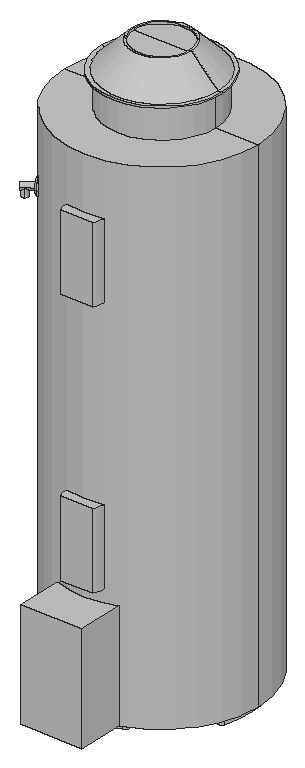
Revit family "DC_Rheem_PLM_HeavyDutyGas_621275", category Plumbing Fixtures, host Face, Revit 2018
Family settings
  Host = Face
  Round Connector Dimension = Use Radius
  Part Type = Normal
  Cut with Voids When Loaded = No
  Shared = No
  Room Calculation Point = No
Parameters (values of type "Heavy Duty Gas Storage - Indoor - 275L - 200 MJ/h - Natural gas")
  URL = "http://www.rheem.com.au/CommercialProducts"
  Type Comments = "650L first hour delivery @ 50oC rise\r\n"
  TotalHeightH1_ANZRS = 1895 mm
  T&PRConnectionRadius_ANZRS = 20 mm
  ThicknessT_ANZRS = 30 mm
  Model = "621275N0"
  Materials_ANZRS = Rheem - Joey Grey Steel
  Manufacturer = "Rheem\r\n"
  HotWaterPipeRadius_ANZRS = HotWaterPipeDiameterD1_ANZRS / 2  # 16 mm
  HotWaterPipeHeightH2_ANZRS = 1450 mm
  HotWaterPipeDiameterD1_ANZRS = 32 mm
  HeightH3_ANZRS = 1695 mm
  GasPipeRadius_ANZRS = GasPipeDiameterD2_ANZRS / 2  # 10 mm
  GasPipeDiameterD2_ANZRS = 20 mm
  GasInletHeightH4_ANZRS = 340 mm
  FireProofBase_ANZRS = 50 mm
  DesignBy_ANZRS = "Design Content ©\r\n"
  Description = "Heavy Duty Gas Storage - Indoor - 275L - 110 MJ/h - Natural gas"
  Default Elevation = 0 mm
  CylinderRadius_ANZRS = CylinderDiameterD3_ANZRS / 2  # 321.5 mm
  CylinderDiameterD3_ANZRS = 643 mm
  ColdWaterPipeRadius_ANZRS = ColdWaterPipeDiameterD4_ANZRS / 2  # 16 mm
  ColdWaterPipeDiameterD4_ANZRS = 32 mm
  ColdWaterInletHeightH5_ANZRS = 700 mm
  Author_ANZRS = "DM"
  A1_ANZRS = CylinderDiameterD3_ANZRS / 2 + 30 mm  # 351.5 mm
Types (3, lengths in mm): name | TotalHeightH1_ANZRS | Model | HeightH3_ANZRS | Description
  (no name) | 1795 | "621275P0" | 1655 | "Heavy Duty Gas Storage - Indoor - 275L - 100 MJ/h - Propane gas"
  Heavy Duty Gas Storage - Indoor - 275L - 200 MJ/h - Natural gas | 1895 | "621275N0" | 1695 | "Heavy Duty Gas Storage - Indoor - 275L - 110 MJ/h - Natural gas"
  Heavy Duty Gas Storage - Indoor - 275L - 190/h - Propane gas | 1795 | "621275P0" | 1655 | "Heavy Duty Gas Storage - Indoor - 275L - 100 MJ/h - Propane gas"
Reference planes
  plane 1 "Center (Front/Back)": y = 0
  plane 2: z = 0
  plane 3 "Center (Left/Right)": x = 0
  plane 4: z = 0
  plane 5: z = 380
  plane 6: z = 700
  plane 7: z = 1695
  plane 8: z = 1895
  plane 9: x = -321.5
  plane 10: x = 321.5
  plane 11: z = 25
  plane 12: y = 321.5
  plane 13: y = -321.5
  plane 14: y = 351.5
  plane 15: y = -351.5
  plane 16: x = 351.5
  plane 17: x = -351.5
  plane 18: x = 62.5
  plane 19: x = -62.5
  plane 20: z = 1807.5
  plane 21: z = 1802.5
  plane 22: y = -458.5
  plane 23: x = -101.526
  plane 24: x = 101.526
  plane 25: z = 50
  plane 26: through (0, 0, 1219.2) normal (0.5878, -0.809, 0)
  plane 27: z = 1450
  plane 28 "A": through (0, 0, 1219.2) normal (0.891, 0.454, 0)
  plane 29: x = -331.5
  plane 30: x = -311.5
  plane 31: z = 340
  plane 32: z = 1522.746
  plane 33: z = 1272.746
  plane 34: z = 672.746
  plane 35: z = 422.746
  plane 36: through (-271.147, -271.147, 1655) normal (0.7071, -0.7071, 0)
  plane 37: through (-486.107, -56.186, 1655) normal (0.7071, -0.7071, 0)
  plane 38: through (-56.186, -486.107, 1655) normal (0.7071, -0.7071, 0)
  plane 39 "B": through (0, 0, 1219.2) normal (0.7071, 0.7071, 0)
  plane 40 "Gas": y = -400.5
Forms (mm)
  Revolve 1, solid, material "Rheem - Joey Grey Steel" <- "Materials_ANZRS"
    sketch origin (0, 0, 0) x (1, 0, 0) y (0, 0, 1)
      loop
        line (0, 25) -> (321.5, 25) -> (321.5, 1695) -> (0, 1695) -> (0, 25)
      axis (0, 1695) -> (0, 25)
    angle from 0 to 360
  Extrusion 2, solid, material "Rheem - Joey Grey Steel" <- "Materials_ANZRS"
    sketch origin (0, 0, 0) x (1, 0, 0) y (0, 1, 0)
      loop
        arc (85.505, 252.423) -> (102.437, 260.877) -> (93.84, 277.736) r 13.326
        arc (93.84, 277.736) -> (0, 293.161) -> (-93.84, 277.736) r 293.161
        arc (-93.84, 277.736) -> (-102.437, 260.877) -> (-85.505, 252.423) r 13.326
        arc (-85.505, 252.423) -> (0, 266.512) -> (85.505, 252.423) r 266.512
      loop
        arc (85.505, -252.423) -> (0, -266.512) -> (-85.505, -252.423) r 266.512
        arc (-85.505, -252.423) -> (-102.437, -260.877) -> (-93.84, -277.736) r 13.326
        arc (-93.84, -277.736) -> (0, -293.161) -> (93.84, -277.736) r 293.161
        arc (93.84, -277.736) -> (102.437, -260.877) -> (85.505, -252.423) r 13.326
      loop
        arc (259.923, 85.505) -> (273.626, 0) -> (259.923, -85.505) r 273.626
        arc (259.923, -85.505) -> (267.552, -101.378) -> (283.42, -93.74) r 12.449
        arc (283.42, -93.74) -> (298.52, 0) -> (283.42, 93.74) r 298.52
        arc (283.42, 93.74) -> (267.552, 101.378) -> (259.923, 85.505) r 12.449
      loop
        arc (-259.923, 85.505) -> (-267.552, 101.378) -> (-283.42, 93.74) r 12.449
        arc (-283.42, 93.74) -> (-298.52, 0) -> (-283.42, -93.74) r 298.52
        arc (-283.42, -93.74) -> (-267.552, -101.378) -> (-259.923, -85.505) r 12.449
        arc (-259.923, -85.505) -> (-273.626, 0) -> (-259.923, 85.505) r 273.626
    from 0 to 25
  Revolve 3, solid, material "Rheem - Joey Grey Steel" <- "Materials_ANZRS"
    sketch origin (0, 0, 0) x (1, 0, 0) y (0, 0, 1)
      loop
        line (92.403, 1895) -> (92.403, 1890) -> (0, 1890) -> (0, 1695) -> (179.5, 1695) -> (179.5, 1802.5) -> (199.5, 1802.5) -> (199.5, 1807.5) -> (187, 1807.5) -> (99.5, 1895) -> (92.403, 1895)
      axis (0, 1895) -> (0, 1695)
    angle from 0 to 360
  Extrusion 4, solid, material "Rheem - Joey Grey Steel" <- "Materials_ANZRS"
    sketch origin (0, 0, 0) x (0, 1, 0) y (0, 0, 1)
      loop
        circle (0, 1450) r 16
      loop
        circle (0, 700) r 16
    from -331.5 to -311.5
  Extrusion 5, solid, material "Rheem - Joey Grey Steel" <- "Materials_ANZRS"
    sketch origin (0, 0, 0) x (1, 0, 0) y (0, 1, 0)
      loop
        line (-101.526, -458.5) -> (101.526, -458.5) -> (101.526, -304.046)
        arc (101.526, -304.046) -> (0, -320.549) -> (-101.526, -304.046) r 320.549
        line (-101.526, -304.046) -> (-101.526, -458.5)
    from 25 to 380
  Extrusion 6, solid, material "Rheem - Joey Grey Steel" <- "Materials_ANZRS"
    sketch origin (0, 0, 0) x (1, 0, 0) y (0, 1, 0)
      loop
        arc (62.5, -314.396) -> (0, -320.549) -> (-62.5, -314.396) r 320.549
        arc (-62.5, -314.396) -> (-59.732, -333.55) -> (-52.5, -351.5) r 80.994
        line (-52.5, -351.5) -> (52.481, -351.5)
        arc (52.481, -351.5) -> (59.727, -333.552) -> (62.5, -314.396) r 80.858
    from 422.746 to 672.746
  Extrusion 7, solid, material "Rheem - Joey Grey Steel" <- "Materials_ANZRS"
    sketch origin (0, 0, 850) x (1, 0, 0) y (0, 1, 0)
      loop
        arc (62.5, -315.006) -> (0, -321.146) -> (-62.5, -315.006) r 321.146
        arc (-62.5, -315.006) -> (-59.664, -333.846) -> (-52.5, -351.5) r 80.875
        line (-52.5, -351.5) -> (52.5, -351.5)
        arc (52.5, -351.5) -> (59.664, -333.846) -> (62.5, -315.006) r 80.875
    from 422.746 to 672.746
  Extrusion 8, solid, material "Rheem - Joey Grey Steel" <- "Materials_ANZRS"
    sketch origin (0, 0, 0) x (0, 1, 0) y (0, 0, 1)
      loop
        circle (-400.5, 340) r 10
    from -101.526 to -111.5
Cuts and joins
  joined: Revolve 1, Extrusion 2, Revolve 3, Extrusion 4, Extrusion 5, Extrusion 6, Extrusion 7
Lines and regions (mm)
  Masking region 1
    outline origin (0, 0, 0) x (1, 0, 0) y (0, 1, 0)
      loop
        line (-101.526, -305.049) -> (-101.526, -458.5) -> (101.526, -458.5) -> (101.526, -305.049)
        arc (101.526, -305.049) -> (260.771, -188.045) -> (321.5, 0) r 321.5
        arc (321.5, 0) -> (0, 321.5) -> (-321.5, 0) r 321.5
        arc (-321.5, 0) -> (-260.771, -188.045) -> (-101.526, -305.049) r 321.5
  Masking region 2
    outline origin (0, 0, 0) x (1, 0, 0) y (0, 0, 1)
      loop
        line (99.5, 1895) -> (-99.5, 1895) -> (-187, 1807.5) -> (-199.5, 1807.5) -> (-199.5, 1802.5) -> (-179.5, 1802.5) -> (-179.5, 1695) -> (-321.5, 1695) -> (-321.5, 1466) -> (-331.5, 1466) -> (-331.5, 1434) -> (-321.5, 1434) -> (-321.5, 716) -> (-331.5, 716) -> (-331.5, 684) -> (-321.5, 684) -> (-321.5, 25) -> (-299.459, 25) -> (-299.459, 0) -> (299.459, 0) -> (299.459, 25) -> (321.5, 25) -> (321.5, 1695) -> (179.5, 1695) -> (179.5, 1802.5) -> (199.5, 1802.5) -> (199.5, 1807.5) -> (187, 1807.5) -> (99.5, 1895)
  symbolic lines, style "Rheem Heavy Duty Gas Storage", detail levels fine
    curve 1: arc (321.5, 0, 0) -> (0, 321.5, 0) -> (-321.5, 0, 0) r 321.5
    curve 2: arc (-321.5, 0, 0) -> (0, -321.5, 0) -> (321.5, 0, 0) r 321.5
    curve 3: arc (-199.5, 0, 0) -> (0, -199.5, 0) -> (199.5, 0, 0) r 199.5
    curve 4: arc (187, 0, 0) -> (0, -187, 0) -> (-187, 0, 0) r 187
    curve 5: arc (-187, 0, 0) -> (0, 187, 0) -> (187, 0, 0) r 187
    curve 6: arc (199.5, 0, 0) -> (0, 199.5, 0) -> (-199.5, 0, 0) r 199.5
    curve 7: arc (99.5, 0, 0) -> (0, 99.5, 0) -> (-99.5, 0, 0) r 99.5
    curve 8: arc (92.403, 0, 0) -> (0, 92.403, 0) -> (-92.403, 0, 0) r 92.403
    curve 9: arc (-92.403, 0, 0) -> (0, -92.403, 0) -> (92.403, 0, 0) r 92.403
    curve 10: arc (-99.5, 0, 0) -> (0, -99.5, 0) -> (99.5, 0, 0) r 99.5
    curve 11: line (-331.5, 16.194, 0) -> (-321.092, 16.194, 0)
    curve 12: line (-331.5, -16.854, 0) -> (-331.5, 16.194, 0)
    curve 13: line (-321.058, -16.854, 0) -> (-331.5, -16.854, 0)
    curve 14: line (99.5, 0, 1895) -> (-99.5, 0, 1895)
    curve 15: line (187, 0, 1807.5) -> (-187, 0, 1807.5)
    curve 16: line (179.5, 0, 1802.5) -> (-179.5, 0, 1802.5)
    curve 17: line (321.5, 0, 1695) -> (-321.5, 0, 1695)
    curve 18: line (321.5, 0, 1695) -> (321.5, 0, 25)
    curve 19: line (-321.5, 0, 1695) -> (-321.5, 0, 1458.578)
    curve 20: line (-331.5, 0, 716) -> (-331.5, 0, 684)
    curve 21: line (-331.5, 0, 716) -> (-321.5, 0, 716)
    curve 22: line (-331.5, 0, 684) -> (-321.5, 0, 684)
    curve 23: line (321.5, 0, 25) -> (-321.5, 0, 25)
    curve 24: line (-102.253, 0, 25) -> (-102.253, 0, 0)
    curve 25: line (102.282, 0, 25) -> (102.282, 0, 0)
    curve 26: line (-299.459, 0, 25) -> (-259.22, 0, 25)
    curve 27: line (-299.459, 0, 0) -> (-299.459, 0, 25)
    curve 28: line (-259.22, 0, 0) -> (-299.459, 0, 0)
    curve 29: line (-259.22, 0, 25) -> (-259.22, 0, 0)
    curve 30: line (-331.5, 0, 1466) -> (-321.5, 0, 1466)
    curve 31: line (-331.5, 0, 1434) -> (-331.5, 0, 1466)
    curve 32: line (-321.5, 0, 1434) -> (-331.5, 0, 1434)
    curve 33: line (-321.5, 0, 1441.422) -> (-321.5, 0, 25)
    curve 34: line (-99.5, 0, 1895) -> (-187, 0, 1807.5)
    curve 35: line (-179.5, 0, 1802.5) -> (-179.5, 0, 1695)
    curve 36: line (179.5, 0, 1802.5) -> (179.5, 0, 1695)
    curve 37: line (99.5, 0, 1895) -> (187, 0, 1807.5)
    curve 38: line (0, 321.5, 1695) -> (0, -321.5, 1695)
    curve 39: line (0, 321.5, 25) -> (0, 321.5, 1695)
    curve 40: line (0, -321.5, 25) -> (0, 321.5, 25)
    curve 41: line (0, -321.5, 1272.746) -> (0, -321.5, 672.746)
    curve 42: line (0, 102.28, 50) -> (0, 102.28, 25)
    curve 43: line (0, -102.28, 50) -> (0, 102.28, 50)
    curve 44: line (0, -102.28, 25) -> (0, -102.28, 50)
    curve 45: line (0, -252.672, 50) -> (0, -252.672, 25)
    curve 46: line (0, -293.503, 50) -> (0, -252.672, 50)
    curve 47: line (0, -293.503, 25) -> (0, -293.503, 50)
    curve 48: line (0, 251.669, 50) -> (0, 251.669, 25)
    curve 49: line (0, 292.5, 50) -> (0, 251.669, 50)
    curve 50: line (0, 292.5, 25) -> (0, 292.5, 50)
    curve 51: arc (0, -16, 750) -> (0, 0, 734) -> (0, 16, 750) r 16
    curve 52: arc (0, 16, 750) -> (0, 0, 766) -> (0, -16, 750) r 16
    curve 53: arc (0, -16, 1500) -> (0, 0, 1484) -> (0, 16, 1500) r 16
    curve 54: arc (0, 16, 1500) -> (0, 0, 1516) -> (0, -16, 1500) r 16
    curve 55: line (0, 62.5, 1945) -> (0, -50, 1945)
    curve 56: line (0, -62.5, 1945) -> (0, -167.5, 1857.5)
    curve 57: line (0, -167.5, 1857.5) -> (0, 150, 1857.5)
    curve 58: line (0, 150, 1857.5) -> (0, 62.5, 1945)
    curve 59: line (0, 162.5, 1857.5) -> (0, -180, 1857.5)
    curve 60: line (0, 162.5, 1852.5) -> (0, 162.5, 1857.5)
    curve 61: line (0, -180, 1852.5) -> (0, 162.5, 1852.5)
    curve 62: line (0, -180, 1857.5) -> (0, -180, 1852.5)
    curve 63: line (0, 142.5, 1852.5) -> (0, 142.5, 1695)
    curve 64: line (0, -160, 1852.5) -> (0, -160, 1695)
    curve 65: line (0, -351.5, 0) -> (0, 351.5, 0)
    curve 66: line (299.459, 0, 0) -> (299.459, 0, 25)
    curve 67: line (259.22, 0, 0) -> (299.459, 0, 0)
    curve 68: line (259.22, 0, 25) -> (259.22, 0, 0)
    curve 69: line (-102.253, 0, 25) -> (-101.526, 0, 380)
    curve 70: line (-101.526, 0, 380) -> (101.526, 0, 380)
    curve 71: line (101.526, 0, 380) -> (101.526, 0, 25)
    curve 72: line (-62.5, 0, 672.746) -> (62.5, 0, 672.746)
    curve 73: line (-62.5, 0, 422.746) -> (-62.5, 0, 672.746)
    curve 74: line (62.5, 0, 422.746) -> (-62.5, 0, 422.746)
    curve 75: line (62.5, 0, 672.746) -> (62.5, 0, 422.746)
    curve 76: line (52.5, 0, 672.746) -> (52.5, 0, 422.746)
    curve 77: line (-52.5, 0, 672.746) -> (-52.5, 0, 422.746)
    curve 78: line (-62.5, 0, 1522.746) -> (62.5, 0, 1522.746)
    curve 79: line (-62.5, 0, 1272.746) -> (-62.5, 0, 1522.746)
    curve 80: line (62.5, 0, 1272.746) -> (-62.5, 0, 1272.746)
    curve 81: line (62.5, 0, 1522.746) -> (62.5, 0, 1272.746)
    curve 82: line (52.5, 0, 1522.746) -> (52.5, 0, 1272.746)
    curve 83: line (-52.5, 0, 1522.746) -> (-52.5, 0, 1272.746)
    curve 84: line (0, -305.049, 300) -> (0, -458.5, 300)
    curve 85: line (0, -305.049, 25) -> (0, -305.049, 300)
    curve 86: line (0, -458.5, 25) -> (0, -305.049, 25)
    curve 87: line (0, -458.5, 300) -> (0, -458.5, 25)
    curve 88: line (0, -315.006, 672.746) -> (0, -351.5, 672.746)
    curve 89: line (0, -315.006, 422.746) -> (0, -315.006, 672.746)
    curve 90: line (0, -351.5, 422.746) -> (0, -315.006, 422.746)
    curve 91: line (0, -351.5, 672.746) -> (0, -351.5, 422.746)
    curve 92: line (0, -315.006, 1522.746) -> (0, -351.5, 1522.746)
    curve 93: line (0, -315.006, 1272.746) -> (0, -315.006, 1522.746)
    curve 94: line (0, -351.5, 1272.746) -> (0, -315.006, 1272.746)
    curve 95: line (0, -351.5, 1522.746) -> (0, -351.5, 1272.746)
    curve 96: line (0, -321.5, 422.746) -> (0, -321.5, 300)
    curve 97: arc (-101.526, -305.049, 0) -> (0, -321.5, 0) -> (101.526, -305.049, 0) r 321.5
    curve 98: line (-101.526, -458.5, 0) -> (-101.526, -305.049, 0)
    curve 99: line (101.526, -458.5, 0) -> (-101.526, -458.5, 0)
    curve 100: line (101.526, -305.049, 0) -> (101.526, -458.5, 0)
    curve 101: arc (-62.488, -315.369, 0) -> (-59.616, -334.021, 0) -> (-52.5, -351.5, 0) r 80.875
    curve 102: arc (52.5, -351.5, 0) -> (59.616, -334.021, 0) -> (62.488, -315.369, 0) r 80.875
    curve 103: line (-52.5, -351.5, 0) -> (52.5, -351.5, 0)
    curve 104: arc (0, -188.521, 1476.465) -> (0, -173.661, 1499.138) -> (0, -186.988, 1522.744) r 26.056
    curve 105: arc (0, -219.817, 1510) -> (0, -229.817, 1500) -> (0, -219.817, 1490) r 10
    curve 106: line (0, -197.243, 1510) -> (0, -219.817, 1510)
    curve 107: line (0, -197.243, 1490) -> (0, -202.441, 1490)
    curve 108: arc (0, -205.88, 1523.535) -> (0, -211.844, 1517.741) -> (0, -214.881, 1510) r 19.669
    curve 109: arc (0, -202.441, 1484.229) -> (0, -180.664, 1504.833) -> (0, -210.195, 1510) r 16.775
    curve 110: arc (0, -197.243, 1490) -> (0, -187.243, 1500) -> (0, -197.243, 1510) r 10
    curve 111: arc (0, -186.988, 1522.744) -> (0, -196.338, 1525.434) -> (0, -205.88, 1523.535) r 20.605
    curve 112: arc (0, -188.521, 1476.465) -> (0, -195.373, 1474.629) -> (0, -202.441, 1475.225) r 20.605
    curve 113: arc (0, -219.817, 1510) -> (0, -209.817, 1500) -> (0, -219.817, 1490) r 10
    curve 114: line (0, -202.441, 1490) -> (0, -202.441, 1470.926)
    curve 115: line (0, -202.441, 1470.926) -> (0, -218.406, 1470.926)
    curve 116: line (0, -218.406, 1470.926) -> (0, -218.406, 1490)
    curve 117: arc (0, -202.441, 1490) -> (0, -210.424, 1491.201) -> (0, -218.406, 1490) r 27.132
    curve 118: arc (-254.035, 0, 1476.321) -> (-242.635, 0, 1450.035) -> (-254.035, 0, 1423.749) r 36.003
    curve 119: arc (-263.768, 0, 1476.321) -> (-269.462, 0, 1468.764) -> (-273.089, 0, 1460.024) r 37.582
    curve 120: line (-254.035, 0, 1476.321) -> (-263.768, 0, 1476.321)
    curve 121: line (-254.035, 0, 1423.749) -> (-263.632, 0, 1423.749)
    curve 122: spline (-272.796, 0, 1439.949) -> (-269.459, 0, 1434.449) -> (-265.053, 0, 1431.75) -> (-260.372, 0, 1432.337) -> (-256.258, 0, 1436.104) -> (-253.453, 0, 1442.374) -> (-252.461, 0, 1450.016) -> (-253.461, 0, 1457.656) -> (-256.273, 0, 1463.917) -> (-260.39, 0, 1467.672) -> (-265.072, 0, 1468.245) -> (-269.475, 0, 1465.533) -> (-272.806, 0, 1460.024)
    curve 123: arc (-263.344, 0, 1460.024) -> (-257.603, 0, 1449.806) -> (-263.943, 0, 1439.949) r 11.366
    curve 124: arc (-295.611, 0, 1460.024) -> (-301.644, 0, 1450.024) -> (-295.611, 0, 1440.024) r 11.304
    curve 125: line (-295.611, 0, 1460.024) -> (-263.344, 0, 1460.024)
    curve 126: line (-295.611, 0, 1440.024) -> (-295.611, 0, 1420.926)
    curve 127: line (-295.611, 0, 1420.926) -> (-275.804, 0, 1420.926)
    curve 128: line (-275.804, 0, 1420.926) -> (-275.804, 0, 1439.949)
    curve 129: line (-275.804, 0, 1439.949) -> (-263.943, 0, 1439.949)
    curve 130: arc (-287.447, 0, 1443.876) -> (-281.097, 0, 1443.276) -> (-275.611, 0, 1440.024) r 14.584
    curve 131: arc (-273.023, 0, 1439.949) -> (-269.352, 0, 1431.255) -> (-263.632, 0, 1423.749) r 37.582
    curve 132: arc (-291.663, 0, 1460.024) -> (-285.629, 0, 1450.024) -> (-291.663, 0, 1440.024) r 11.304
    curve 133: line (-295.611, 0, 1440.024) -> (-291.663, 0, 1440.024)
    curve 134: line (-111.5, -390.5, 0) -> (-101.526, -390.5, 0)
    curve 135: line (-111.5, -390.5, 0) -> (-111.5, -410.5, 0)
    curve 136: line (-111.5, -410.5, 0) -> (-101.526, -410.5, 0)
Dimensions and locks
  "ColdWaterInletHeightH5_ANZRS": plane 6 to plane 4
  "HeightH3_ANZRS": plane 7 to plane 4
  "TotalHeightH1_ANZRS": plane 8 to plane 4
  equal spacing: plane 10, plane 3 "Center (Left/Right)", plane 9
  "CylinderDiameterD3_ANZRS": plane 10 to plane 9
  locked: plane 11 to plane 4 at 25
  equal spacing: plane 12, plane 1 "Center (Front/Back)", plane 13
  "CylinderDiameterD3_ANZRS": plane 12 to plane 13
  "ThicknessT_ANZRS": plane 10 to plane 16
  "ThicknessT_ANZRS": plane 14 to plane 12
  "ThicknessT_ANZRS": plane 15 to plane 13
  "ThicknessT_ANZRS": plane 17 to plane 9
  plane 12 to plane 22 = 780 mm
  locked: plane 25 to plane 11 at 25
  locked: plane 29 to plane 9 at 10
  locked: plane 9 to plane 30 at 10
  plane 8 to plane 20 to plane 21 = 87.5 mm locked, 5 mm locked
  "HotWaterPipeHeightH2_ANZRS": plane 27 to plane 4
  plane 3 "Center (Left/Right)" to plane 18 to curve 36 = 62.5 mm, 117 mm
  equal spacing: plane 37, plane 36, plane 38
  plane 37 to plane 38 = 608 mm
  plane 12 to plane 40 "Gas" = 722 mm
  plane 31 to host face = 340 mm
  curve 39 to plane 40 "Gas" = 722 mm
  "GasInletHeightH4_ANZRS": plane 31 to host face
  Revolve 3 sketch curve to Revolve 3 sketch curve = 99.5 mm
  "ColdWaterPipeRadius_ANZRS": radius of Extrusion 4 sketch curve
  "HotWaterPipeRadius_ANZRS": radius of Extrusion 4 sketch curve
  "GasPipeRadius_ANZRS": radius of Extrusion 8 sketch curve
  angle plane 1 "Center (Front/Back)" to plane 26 = 36.00°
  aligned and locked: plane 2 to host face
  aligned and locked: level to host face
  aligned and locked: Revolve 1 sketch curve to plane 3 "Center (Left/Right)"
  aligned and locked: Revolve 1 sketch curve to plane 10
  aligned and locked: Revolve 1 sketch curve to plane 11
  aligned and locked: Revolve 1 to Extrusion 2
  aligned and locked: Extrusion 2 to plane 4
  aligned and locked: plane 7 to Revolve 1 sketch curve
  aligned and locked: Revolve 3 sketch curve to plane 8
  aligned and locked: plane 1 "Center (Front/Back)" to Extrusion 4 sketch curve  (x2)
  aligned and locked: plane 27 to Extrusion 4 sketch curve
  aligned and locked: plane 6 to Extrusion 4 sketch curve
  aligned and locked: Extrusion 4 to plane 29
  aligned and locked: Extrusion 4 to plane 30
  aligned and locked: curve 1 to cut or joined group of Revolve 1, Extrusion 2, Revolve 3, Extrusion 4, Extrusion 5, Extrusion 6, Extrusion 7
  aligned and locked: curve 2 to cut or joined group of Revolve 1, Extrusion 2, Revolve 3, Extrusion 4, Extrusion 5, Extrusion 6, Extrusion 7
  aligned and locked: curve 3 to cut or joined group of Revolve 1, Extrusion 2, Revolve 3, Extrusion 4, Extrusion 5, Extrusion 6, Extrusion 7
  aligned and locked: curve 4 to cut or joined group of Revolve 1, Extrusion 2, Revolve 3, Extrusion 4, Extrusion 5, Extrusion 6, Extrusion 7
  aligned and locked: curve 5 to cut or joined group of Revolve 1, Extrusion 2, Revolve 3, Extrusion 4, Extrusion 5, Extrusion 6, Extrusion 7
  aligned and locked: curve 6 to cut or joined group of Revolve 1, Extrusion 2, Revolve 3, Extrusion 4, Extrusion 5, Extrusion 6, Extrusion 7
  aligned and locked: curve 7 to cut or joined group of Revolve 1, Extrusion 2, Revolve 3, Extrusion 4, Extrusion 5, Extrusion 6, Extrusion 7
  aligned and locked: curve 8 to cut or joined group of Revolve 1, Extrusion 2, Revolve 3, Extrusion 4, Extrusion 5, Extrusion 6, Extrusion 7
  aligned and locked: curve 9 to cut or joined group of Revolve 1, Extrusion 2, Revolve 3, Extrusion 4, Extrusion 5, Extrusion 6, Extrusion 7
  aligned and locked: curve 10 to cut or joined group of Revolve 1, Extrusion 2, Revolve 3, Extrusion 4, Extrusion 5, Extrusion 6, Extrusion 7
  aligned and locked: curve 12 to cut or joined group of Revolve 1, Extrusion 2, Revolve 3, Extrusion 4, Extrusion 5, Extrusion 6, Extrusion 7
  aligned and locked: cut or joined group of Revolve 1, Extrusion 2, Revolve 3, Extrusion 4, Extrusion 5, Extrusion 6, Extrusion 7 to Masking region 2 sketch curve  (x2)
  aligned and locked: Masking region 2 sketch curve to cut or joined group of Revolve 1, Extrusion 2, Revolve 3, Extrusion 4, Extrusion 5, Extrusion 6, Extrusion 7  (x2)
  aligned and locked: plane 10 to Masking region 2 sketch curve
  aligned and locked: Masking region 2 sketch curve to plane 9
  aligned and locked: curve 38 to cut or joined group of Revolve 1, Extrusion 2, Revolve 3, Extrusion 4, Extrusion 5, Extrusion 6, Extrusion 7
  aligned and locked: curve 40 to cut or joined group of Revolve 1, Extrusion 2, Revolve 3, Extrusion 4, Extrusion 5, Extrusion 6, Extrusion 7
  aligned and locked: plane 13 to curve 41
  aligned: plane 31 to cut or joined group of Revolve 1, Extrusion 2, Revolve 3, Extrusion 4, Extrusion 5, Extrusion 6, Extrusion 7
  aligned: cut or joined group of Revolve 1, Extrusion 2, Revolve 3, Extrusion 4, Extrusion 5, Extrusion 6, Extrusion 7 to plane 31
  aligned and locked: Masking region 2 sketch curve to curve 15
  aligned and locked: Masking region 2 sketch curve to curve 16
  aligned and locked: plane 20 to Revolve 3 sketch curve
  aligned and locked: Revolve 3 sketch curve to plane 21
  aligned and locked: plane 23 to Extrusion 5 sketch curve
  aligned and locked: plane 22 to Extrusion 5 sketch curve
  aligned and locked: plane 24 to Extrusion 5 sketch curve
  aligned and locked: plane 5 to Extrusion 5
  aligned and locked: Extrusion 5 to plane 11
  aligned and locked: Extrusion 6 sketch curve to Extrusion 5
  aligned and locked: plane 34 to Extrusion 6
  aligned and locked: Extrusion 6 to plane 35
  aligned and locked: Extrusion 7 to plane 33
  aligned and locked: plane 32 to Extrusion 7
  aligned and locked: curve 72 to cut or joined group of Revolve 1, Extrusion 2, Revolve 3, Extrusion 4, Extrusion 5, Extrusion 6, Extrusion 7
  aligned: curve 73 to cut or joined group of Revolve 1, Extrusion 2, Revolve 3, Extrusion 4, Extrusion 5, Extrusion 6, Extrusion 7
  aligned and locked: curve 74 to cut or joined group of Revolve 1, Extrusion 2, Revolve 3, Extrusion 4, Extrusion 5, Extrusion 6, Extrusion 7
  aligned: curve 75 to cut or joined group of Revolve 1, Extrusion 2, Revolve 3, Extrusion 4, Extrusion 5, Extrusion 6, Extrusion 7
  aligned: curve 76 to cut or joined group of Revolve 1, Extrusion 2, Revolve 3, Extrusion 4, Extrusion 5, Extrusion 6, Extrusion 7
  aligned and locked: curve 77 to cut or joined group of Revolve 1, Extrusion 2, Revolve 3, Extrusion 4, Extrusion 5, Extrusion 6, Extrusion 7
  aligned and locked: cut or joined group of Revolve 1, Extrusion 2, Revolve 3, Extrusion 4, Extrusion 5, Extrusion 6, Extrusion 7 to curve 85
  aligned and locked: curve 86 to cut or joined group of Revolve 1, Extrusion 2, Revolve 3, Extrusion 4, Extrusion 5, Extrusion 6, Extrusion 7
  aligned and locked: cut or joined group of Revolve 1, Extrusion 2, Revolve 3, Extrusion 4, Extrusion 5, Extrusion 6, Extrusion 7 to curve 87
  aligned and locked: curve 97 to cut or joined group of Revolve 1, Extrusion 2, Revolve 3, Extrusion 4, Extrusion 5, Extrusion 6, Extrusion 7
  aligned and locked: curve 101 to cut or joined group of Revolve 1, Extrusion 2, Revolve 3, Extrusion 4, Extrusion 5, Extrusion 6, Extrusion 7
  aligned and locked: curve 102 to cut or joined group of Revolve 1, Extrusion 2, Revolve 3, Extrusion 4, Extrusion 5, Extrusion 6, Extrusion 7
  aligned and locked: curve 103 to cut or joined group of Revolve 1, Extrusion 2, Revolve 3, Extrusion 4, Extrusion 5, Extrusion 6, Extrusion 7
  aligned and locked: plane 31 to Extrusion 8 sketch curve
  aligned and locked: plane 40 "Gas" to Extrusion 8 sketch curve
Automatic sketch dimensions
  host sketch curve to host sketch curve = 2438.4 mm  (x2)
  Revolve 1 sketch curve to plane 3 "Center (Left/Right)" = 0 mm
  Revolve 1 sketch curve to level = 609.6 mm
  plane 8 to Revolve 1 sketch curve = 949.058 mm
  plane 1 "Center (Front/Back)" to Extrusion 5 sketch curve = 0 mm
  Extrusion 5 sketch curve to plane 3 "Center (Left/Right)" = 0 mm
  Extrusion 5 sketch curve to plane 13 = 17.454 mm
  Masking region 1 sketch curve to plane 23 = 0 mm
  Masking region 1 sketch curve to plane 24 = 0 mm
  Masking region 1 sketch curve to plane 22 = 0 mm
  curve 105 to curve 113 = 0 mm
  curve 95 to plane 15 = 0 mm
  curve 91 to plane 15 = 0 mm
  curve 96 to plane 13 = 0 mm
  curve 40 to plane 13 = 0 mm
  curve 38 to plane 13 = 0 mm
  curve 90 to plane 35 = 0 mm
  curve 92 to plane 32 = 0 mm
  curve 89 to plane 34 = 0 mm
  curve 93 to plane 33 = 0 mm
  plane 4 to curve 46 = 50 mm
  plane 27 to curve 105 = 50 mm
  plane 27 to curve 104 = 50 mm
  plane 27 to curve 110 = 50 mm
  plane 27 to curve 109 = 50 mm
  plane 21 to curve 61 = 50 mm
  plane 20 to curve 62 = 50 mm
  plane 20 to curve 57 = 50 mm
  plane 4 to curve 44 = 50 mm
  plane 8 to curve 56 = 50 mm
  plane 8 to curve 55 = 50 mm
  plane 4 to curve 48 = 50 mm
  curve 90 to plane 13 = 6.494 mm
  curve 92 to plane 13 = 6.494 mm
  curve 85 to curve 46 = 11.546 mm
  curve 47 to curve 45 = 40.831 mm
  plane 27 to curve 113 = 60 mm
  curve 113 to plane 13 = 101.683 mm
  curve 113 to curve 116 = 1.41 mm
  curve 117 to curve 116 = 0 mm
  curve 106 to curve 108 = 4.936 mm
  curve 115 to curve 117 = 7.982 mm
  curve 108 to curve 109 = 4.685 mm
  curve 109 to curve 111 = 4.315 mm
  curve 117 to curve 109 = 15.965 mm
  curve 117 to curve 104 = 2.738 mm
  curve 117 to curve 107 = 5.198 mm
  curve 110 to curve 112 = 0.043 mm
  curve 110 to curve 111 = 0.043 mm
  curve 110 to curve 109 = 0.515 mm
  curve 111 to curve 108 = 1.735 mm
  curve 112 to curve 112 = 13.921 mm
  curve 110 to curve 104 = 10.255 mm
  curve 61 to plane 13 = 141.5 mm
  curve 59 to curve 57 = 12.5 mm
  curve 61 to curve 64 = 20 mm
  plane 1 "Center (Front/Back)" to curve 44 = 102.28 mm
  plane 1 "Center (Front/Back)" to curve 56 = 62.5 mm
  curve 56 to curve 55 = 12.5 mm
  curve 55 to plane 1 "Center (Front/Back)" = 62.5 mm
  curve 43 to plane 1 "Center (Front/Back)" = 102.28 mm
  curve 63 to plane 1 "Center (Front/Back)" = 142.5 mm
  curve 63 to curve 58 = 7.5 mm
  curve 57 to curve 59 = 12.5 mm
  curve 48 to plane 12 = 69.831 mm
  curve 50 to plane 12 = 29 mm
  curve 117 to curve 109 = 20.16 mm
  curve 117 to curve 115 = 6.858 mm
  curve 114 to curve 112 = 4.3 mm
  curve 112 to curve 104 = 1.24 mm
  plane 27 to curve 111 = 54.847 mm
  Extrusion 2 sketch curve to Extrusion 2 sketch curve = 0 mm  (x62)
  plane 1 "Center (Front/Back)" to Extrusion 2 sketch curve = 0 mm
  Extrusion 2 sketch curve to plane 3 "Center (Left/Right)" = 0 mm
  plane 23 to Extrusion 2 sketch curve = 16.021 mm  (x2)
  plane 23 to Extrusion 2 sketch curve = 11.746 mm  (x2)
  Extrusion 2 sketch curve to plane 30 = 51.577 mm  (x2)
  Extrusion 2 sketch curve to Extrusion 2 sketch curve = 11.746 mm  (x4)
  Extrusion 2 sketch curve to Extrusion 2 sketch curve = 11.751 mm  (x4)
  plane 24 to Extrusion 2 sketch curve = 16.021 mm  (x2)
  plane 24 to Extrusion 2 sketch curve = 11.746 mm  (x2)
  plane 10 to Extrusion 2 sketch curve = 61.577 mm  (x2)
  plane 1 "Center (Front/Back)" to Extrusion 2 sketch curve = 85.505 mm  (x2)
  Extrusion 2 sketch curve to Extrusion 2 sketch curve = 4.125 mm  (x2)
  Extrusion 2 sketch curve to plane 13 = 69.077 mm
  Extrusion 2 sketch curve to plane 12 = 69.077 mm
  Revolve 3 sketch curve to plane 3 "Center (Left/Right)" = 0 mm  (x2)
  Revolve 3 sketch curve to plane 7 = 0 mm
  plane 18 to Revolve 3 sketch curve = 29.903 mm
  Revolve 3 sketch curve to plane 24 = 77.974 mm
  Revolve 3 sketch curve to Revolve 3 sketch curve = 7.5 mm
  Revolve 3 sketch curve to Revolve 3 sketch curve = 12.5 mm
  Revolve 3 sketch curve to level = 609.6 mm
  Revolve 3 sketch curve to plane 8 = 5 mm
  plane 8 to Revolve 3 sketch curve = 949.058 mm
  Masking region 2 sketch curve to plane 29 = 0 mm
  Masking region 2 sketch curve to plane 9 = 0 mm  (x2)
  Masking region 2 sketch curve to plane 11 = 0 mm
  Masking region 2 sketch curve to plane 4 = 0 mm
  Masking region 2 sketch curve to plane 21 = 0 mm
  Masking region 2 sketch curve to plane 20 = 0 mm
  Masking region 2 sketch curve to plane 7 = 0 mm
  plane 19 to Masking region 2 sketch curve = 37 mm
  plane 18 to Masking region 2 sketch curve = 37 mm
  Masking region 2 sketch curve to plane 30 = 12.041 mm
  Masking region 2 sketch curve to plane 23 = 97.974 mm
  Masking region 2 sketch curve to Masking region 2 sketch curve = 12.5 mm  (x2)
  Masking region 2 sketch curve to plane 23 = 77.974 mm
  Masking region 2 sketch curve to plane 24 = 77.974 mm
  Masking region 2 sketch curve to Masking region 2 sketch curve = 7.5 mm
  plane 10 to Masking region 2 sketch curve = 22.041 mm
  plane 34 to Masking region 2 sketch curve = 11.254 mm
  plane 6 to Masking region 2 sketch curve = 16 mm
  Masking region 2 sketch curve to plane 27 = 16 mm
  plane 27 to Masking region 2 sketch curve = 16 mm
  Extrusion 6 sketch curve to plane 19 = 0 mm
  plane 15 to Extrusion 6 sketch curve = 0 mm
  Extrusion 6 sketch curve to plane 18 = 0 mm
  Extrusion 6 sketch curve to plane 19 = 10 mm
  Extrusion 6 sketch curve to plane 13 = 9.027 mm  (x2)
  Extrusion 6 sketch curve to plane 3 "Center (Left/Right)" = 18.335 mm
  Extrusion 7 sketch curve to plane 19 = 0 mm
  plane 15 to Extrusion 7 sketch curve = 0 mm
  plane 1 "Center (Front/Back)" to Extrusion 7 sketch curve = 0 mm
  Extrusion 7 sketch curve to plane 3 "Center (Left/Right)" = 0 mm
  Extrusion 7 sketch curve to plane 18 = 0 mm
  Extrusion 7 sketch curve to plane 19 = 10 mm
  Extrusion 7 sketch curve to plane 13 = 9.027 mm  (x2)
  Extrusion 7 sketch curve to plane 3 "Center (Left/Right)" = 18.335 mm
  plane 3 "Center (Left/Right)" to Extrusion 7 sketch curve = 18.335 mm
  curve 85 to plane 31 = 40 mm
  curve 65 to plane 14 = 0 mm
  curve 65 to level = 0 mm
  curve 65 to plane 15 = 0 mm
  plane 6 to curve 52 = 50 mm
  plane 27 to curve 53 = 50 mm
  curve 54 to plane 1 "Center (Front/Back)" = 0 mm
  curve 51 to plane 1 "Center (Front/Back)" = 0 mm
  plane 1 "Center (Front/Back)" to curve 52 = 16 mm
  plane 1 "Center (Front/Back)" to curve 53 = 16 mm
  Masking region 1 sketch curve to Masking region 1 sketch curve = 0 mm  (x2)
  plane 1 "Center (Front/Back)" to Masking region 1 sketch curve = 0 mm
  Masking region 1 sketch curve to plane 9 = 0 mm
  Masking region 1 sketch curve to plane 3 "Center (Left/Right)" = 0 mm
  curve 136 to plane 23 = 0 mm
  curve 100 to plane 22 = 0 mm
  curve 100 to plane 24 = 0 mm
  plane 9 to curve 11 = 0.408 mm
  plane 9 to curve 13 = 0.442 mm
  curve 134 to curve 134 = 9.974 mm
  curve 136 to plane 40 "Gas" = 10 mm
  plane 40 "Gas" to curve 134 = 10 mm
  curve 119 to curve 131 = 0 mm  (x2)
  curve 30 to plane 29 = 0 mm
  curve 22 to plane 29 = 0 mm
  curve 30 to plane 9 = 0 mm
  curve 33 to plane 9 = 0 mm
  curve 27 to plane 11 = 0 mm
  curve 28 to level = 0 mm
  curve 122 to plane 27 = 0 mm
  curve 15 to plane 20 = 0 mm
  curve 16 to plane 21 = 0 mm
  curve 35 to plane 7 = 0 mm
  curve 69 to plane 11 = 0 mm
  curve 24 to level = 0 mm
  curve 69 to plane 5 = 0 mm
  curve 69 to plane 23 = 0 mm
  curve 14 to plane 8 = 0 mm
  plane 19 to curve 79 = 0 mm
  plane 19 to curve 72 = 0 mm
  curve 83 to plane 33 = 0 mm
  curve 83 to plane 32 = 0 mm
  curve 77 to plane 34 = 0 mm
  curve 77 to plane 35 = 0 mm
  curve 78 to plane 18 = 0 mm
  curve 75 to plane 18 = 0 mm
  curve 71 to plane 24 = 0 mm
  curve 25 to level = 0 mm
  curve 67 to level = 0 mm
  plane 10 to curve 17 = 0 mm
  curve 27 to plane 30 = 12.041 mm
  plane 27 to curve 132 = 0.024 mm
  curve 132 to plane 30 = 14.567 mm
  curve 132 to curve 124 = 1.322 mm  (x2)
  curve 124 to curve 132 = 3.948 mm  (x2)
  curve 132 to curve 124 = 6.593 mm
  curve 133 to curve 130 = 4.215 mm
  curve 132 to curve 130 = 6.052 mm
  plane 27 to curve 118 = 0.035 mm
  curve 130 to curve 118 = 8.809 mm
  curve 118 to curve 129 = 2.835 mm
  curve 128 to curve 130 = 0.193 mm
  curve 118 to curve 119 = 5.549 mm
  curve 130 to curve 131 = 2.587 mm
  curve 119 to curve 122 = 0.282 mm
  curve 131 to curve 122 = 0.227 mm
  plane 27 to curve 123 = 0.145 mm
  curve 118 to curve 123 = 9.674 mm
  curve 122 to curve 123 = 8.853 mm
  curve 122 to curve 120 = 9.039 mm
  curve 127 to curve 121 = 12.172 mm
  curve 121 to curve 122 = 0.108 mm
  curve 122 to curve 125 = 9.462 mm
  curve 26 to curve 26 = 40.239 mm
  curve 121 to curve 121 = 9.596 mm
  curve 120 to curve 120 = 9.732 mm
  plane 27 to curve 119 = 0.105 mm
  curve 122 to curve 119 = 26.684 mm
  curve 15 to plane 23 = 85.474 mm
  curve 15 to curve 16 = 7.5 mm
  curve 69 to plane 23 = 0.727 mm
  curve 24 to curve 69 = 0 mm
  curve 83 to plane 19 = 10 mm
  curve 72 to curve 77 = 10 mm
  curve 76 to plane 18 = 10 mm
  curve 82 to plane 18 = 10 mm
  plane 24 to curve 37 = 2.026 mm
  curve 25 to plane 24 = 0.755 mm
  curve 16 to curve 15 = 7.5 mm
  plane 10 to curve 68 = 62.28 mm
  plane 10 to curve 67 = 22.041 mm
  plane 34 to curve 22 = 11.254 mm
  plane 6 to curve 21 = 16 mm
  curve 126 to curve 124 = 19.098 mm
  curve 130 to curve 132 = 10.616 mm
  curve 32 to plane 27 = 16 mm
  curve 32 to curve 33 = 7.422 mm
  plane 27 to curve 19 = 8.578 mm
  curve 19 to curve 31 = 7.422 mm
  plane 23 to curve 14 = 2.026 mm
Nested families
  nested 1: "Rheem Valve" at (-280.937, -204.113, 1450) x (0.5878, -0.809, 0) z (0, 0, 1), type "Rheem Valve"
Connectors
  piping at (-331.5, 0, 700), diameter 32, driven by "ColdWaterPipeRadius_ANZRS"
    settings: on cut or joined group of Revolve 1, Extrusion 2, Revolve 3, Extrusion 4, Extrusion 5, Extrusion 6, Extrusion 7, index 2, connector inside diameter 1.25984", connector length 0 mm, flow factor 0, pipe flow 0 GPM, pressure drop 0.00 psi, fitting loss kfactor 0, connector angle 0.00°, fixture units 0, engagement length 0 mm, angle of deflection 0.00°, flow configuration 1, flow direction 1, fitting loss method 0, system type 20, joint type 0, gender type 0, connector reference index -1, connector utility 0, adjustable connector no, is connector primary yes, connector description ""
  piping at (-331.5, 0, 1450), diameter 32, driven by "HotWaterPipeRadius_ANZRS"
    settings: on cut or joined group of Revolve 1, Extrusion 2, Revolve 3, Extrusion 4, Extrusion 5, Extrusion 6, Extrusion 7, index 3, connector inside diameter 1.25984", connector length 0 mm, flow factor 0, pipe flow 0 GPM, pressure drop 0.00 psi, fitting loss kfactor 0, connector angle 0.00°, fixture units 0, engagement length 0 mm, angle of deflection 0.00°, flow configuration 1, flow direction 2, fitting loss method 0, system type 19, joint type 0, gender type 0, connector reference index -1, connector utility 0, adjustable connector no, is connector primary no, connector description ""
  piping at (-287.119, -208.604, 1420.926), diameter 20
    settings: on nested 1, index 6, connector inside diameter 0.7874", connector length 0 mm, flow factor 0, pipe flow 0 GPM, pressure drop 0.00 psi, fitting loss kfactor 0, connector angle 0.00°, fixture units 0, engagement length 0 mm, angle of deflection 0.00°, flow configuration 1, flow direction 2, fitting loss method 0, system type 16, joint type 0, gender type 0, connector reference index -1, connector utility 0, adjustable connector no, is connector primary no, connector description ""
  piping at (-111.5, -400.5, 340), diameter 20, driven by "GasPipeRadius_ANZRS"
    settings: on Extrusion 8, index 7, connector inside diameter 0.7874", connector length 0 mm, flow factor 0, pipe flow 0 GPM, pressure drop 0.00 psi, fitting loss kfactor 0, connector angle 0.00°, fixture units 0, engagement length 0 mm, angle of deflection 0.00°, flow configuration 0, flow direction 1, fitting loss method 0, system type 22, joint type 0, gender type 0, connector reference index -1, connector utility 0, adjustable connector no, is connector primary no, connector description "Gas"
Definition of nested family "Rheem Valve"
  Parameters
    Material_ANZRS = none
    Assembly Code = ""
  Reference planes
    plane 1 "Center (Front/Back)": y = 0
    plane 2: z = 0
    plane 3 "Center (Left/Right)": x = 0
  Forms (mm)
    Extrusion 1, solid, material <- "Material_ANZRS"
      sketch origin (0, 0, 0) x (1, 0, 0) y (0, 1, 0)
        loop
          circle (0, -7.641) r 10
      from 0 to -29.074
    Revolve 2, solid, material <- "Material_ANZRS"
      sketch origin (0, 0, 0) x (1, 0, 0) y (0, 1, 0)
        loop
          line (-27.668, 40) -> (-27.668, 25.616) -> (-18.681, 20) -> (-9.939, 20) -> (-9.939, -20) -> (0, -20) -> (0, 40) -> (-27.668, 40)
        axis (0, 40) -> (0, -20)
      angle from 0 to 360
  Dimensions and locks
    aligned and locked: level to plane 2
